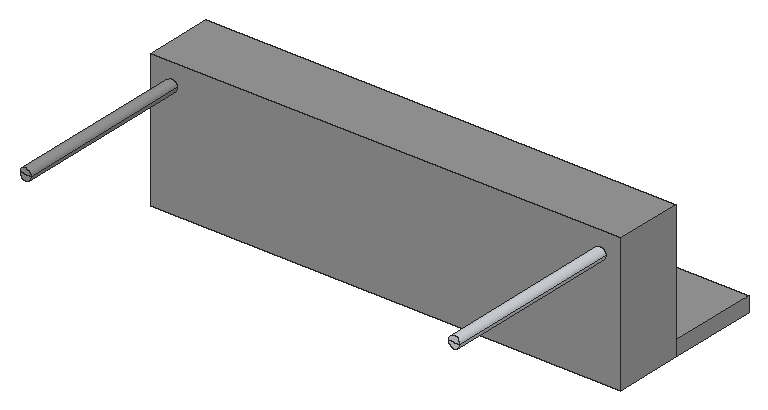
Revit family "Wall_Sink-Willoughby-CWWS-3", category Plumbing Fixtures, Revit 2015
Parameters (values of type "62" x 18"")
  Waste Connection = no
  Vent Connection = no
  URL = "https://www.willoughby-ind.com/wp-content/uploads/2018/01/CWWS.pdf"
  Sink Right = 2' - 7"
  Sink Left = 2' - 7"
  Revision = "A"
  Model = "CWWS-3"
  Manufacturer = "Willoughby Industries"
  HW Connection = no
  Fixture Body = Stainless Steel AISI 304-Willoughby(2)
  Description = "Commercial Wall Sink, 3 Stations, 62\" X 18\""
  Default Elevation = 0' - 0"
  Contact = "800-428-4065"
  CW Connection = no
  80" x 18" = no
  62" x 18" = yes
  48" x 18" = yes
  102" x 18" = yes
Reference planes (in)
  plane 1 "Center (Front/Back)": y = 0
  plane 2: z = 0
  plane 3 "Center (Left/Right)": x = 0
  plane 4 "Bottom Of Sink": y = 24
  plane 5 "Sink HGT": y = 33
  plane 6 "Top Of Unit": y = 45
  plane 7: z = 2
  plane 8: z = 7
  plane 9 "Front line": z = 18
  plane 10: x = 31
  plane 11: x = -31
  plane 12: x = -28.25
  plane 13: x = 28.25
  plane 14: z = 15.25
Forms (in)
  Extrusion 1, solid, material "Stainless Steel AISI 304-Willoughby(2)" <- "Fixture Body"
    sketch origin (0, 33, 0) x (-1, 0, 0) y (0, 0, 1)
      loop
        line (-31, 0) -> (31, 0) -> (31, 18) -> (-31, 18) -> (-31, 0)
    from 0 to -9
  Extrusion 2, solid, material "Stainless Steel AISI 304-Willoughby(2)" <- "Fixture Body"
    sketch origin (0, 0, 0) x (1, 0, 0) y (0, 1, 0)
      loop
        line (-31, 33) -> (31, 33) -> (31, 45) -> (-31, 45) -> (-31, 33)
    from 0 to 2
  Revolve 3, solid, material "Stainless Steel AISI 304-Willoughby(2)" <- "Fixture Body"
    sketch origin (44.70941, 0, 15.25) x (1, 0, 0) y (0, 1, 0)
      loop
        line (-72.95941, 0) -> (-72.20941, 0) -> (-72.20941, 24) -> (-72.95941, 24) -> (-72.95941, 0)
      axis (-72.95941, 24) -> (-72.95941, 0)
    angle from 0 to 360
  Revolve 4, solid
    sketch origin (44.70941, 0, 15.25) x (1, 0, 0) y (0, 1, 0)
      loop
        line (-16.45941, 0) -> (-15.70941, 0) -> (-15.70941, 24) -> (-16.45941, 24) -> (-16.45941, 0)
      axis (-16.45941, 24) -> (-16.45941, 0)
    angle from 0 to 360
  Extrusion 5, void
    sketch origin (0, 33, 0) x (-1, 0, 0) y (0, 0, 1)
      loop
        line (-30, 17) -> (-30, 3) -> (30, 3) -> (30, 17) -> (-30, 17)
    from 0 to -8.83152
Cuts and joins
  Extrusion 5 cuts Extrusion 1
Lines and regions (in)
  symbolic lines, detail levels fine
    curve 1: line (-29, 0, 0) -> (-29, 24, 0)
    curve 2: line (-29, 0, 0) -> (-27.5, 0, 0)
    curve 3: line (-27.5, 0, 0) -> (-27.5, 24, 0)
    curve 7: line (29, 0, 0) -> (27.5, 0, 0)
    curve 8: line (27.5, 0, 0) -> (27.5, 24, 0)
    curve 9: line (29, 0, 0) -> (29, 24, 0)
    curve 18: line (-30, 33, 3) -> (-30, 33, 17)
    curve 19: line (-30, 33, 17) -> (30, 33, 17)
    curve 20: line (30, 33, 17) -> (30, 33, 3)
    curve 21: line (30, 33, 3) -> (-30, 33, 3)
    curve 29: line (0, 0, 14.5) -> (0, 0, 16)
    curve 30: line (0, 0, 16) -> (0, 24, 16)
    curve 31: line (0, 0, 14.5) -> (0, 24, 14.5)
  symbolic lines
    curve 4: line (-31, 24, 0) -> (31, 24, 0)
    curve 5: line (31, 24, 0) -> (31, 33, 0)
    curve 6: line (31, 33, 0) -> (-31, 33, 0)
    curve 13: line (31, 33, 0) -> (31, 33, 18)
    curve 14: line (31, 33, 18) -> (-31, 33, 18)
    curve 15: line (-31, 33, 18) -> (-31, 33, 0)
    curve 16: line (-31, 33, 0) -> (31, 33, 0)
    curve 22: line (0, 24, 0) -> (0, 33, 0)
    curve 23: line (0, 33, 0) -> (0, 33, 18)
    curve 24: line (0, 33, 18) -> (0, 24, 18)
    curve 25: line (0, 24, 18) -> (0, 24, 0)
  symbolic lines, detail levels medium+fine
    curve 10: line (31, 33, 0) -> (31, 45, 0)
    curve 11: line (31, 45, 0) -> (-31, 45, 0)
    curve 12: line (-31, 45, 0) -> (-31, 33, 0)
    curve 17: line (31, 33, 2) -> (-31, 33, 2)
    curve 26: line (0, 33, 0) -> (0, 45, 0)
    curve 27: line (0, 45, 0) -> (0, 45, 2)
    curve 28: line (0, 45, 2) -> (0, 33, 2)
Dimensions and locks (in)
  locked: plane 11 to plane 12 at 2.75
  locked: plane 13 to plane 10 at 2.75
  plane 14 to plane 9 "Front line" = 0' - 2 3/4"
  "Sink Left": plane 11 to plane 3 "Center (Left/Right)"
  "Sink Right": plane 3 "Center (Left/Right)" to plane 10
  aligned and locked: plane 9 "Front line" to Extrusion 1
  aligned and locked: Extrusion 1 to plane 11
  aligned and locked: plane 10 to Extrusion 1
  aligned and locked: Extrusion 1 to level
  aligned and locked: Extrusion 1 to plane 4 "Bottom Of Sink"
  aligned and locked: plane 5 "Sink HGT" to Extrusion 1
  aligned and locked: Extrusion 2 to plane 11
  aligned and locked: plane 6 "Top Of Unit" to Extrusion 2
  aligned and locked: Extrusion 2 to plane 5 "Sink HGT"
  aligned and locked: Extrusion 2 to level
  aligned and locked: plane 7 to Extrusion 2
  aligned and locked: Revolve 3 sketch curve to Revolve 3 sketch curve  (x2)
  aligned and locked: Revolve 4 sketch curve to Revolve 4 sketch curve  (x2)
  aligned and locked: plane 5 "Sink HGT" to Extrusion 5
Automatic sketch dimensions
  Extrusion 1 sketch curve to plane 9 "Front line" = 0' - 0"
  Extrusion 1 sketch curve to plane 10 = 0' - 0"
  Extrusion 1 sketch curve to level = 0' - 0"
  Extrusion 1 sketch curve to plane 11 = 0' - 0"
  Extrusion 2 sketch curve to plane 6 "Top Of Unit" = 0' - 0"
  Extrusion 2 sketch curve to plane 11 = 0' - 0"
  Extrusion 2 sketch curve to plane 5 "Sink HGT" = 0' - 0"
  Extrusion 2 sketch curve to plane 10 = 0' - 0"
  Extrusion 5 sketch curve to plane 10 = 0' - 1"
  plane 11 to Extrusion 5 sketch curve = 0' - 1"
  plane 7 to Extrusion 5 sketch curve = 0' - 1"
  Extrusion 5 sketch curve to plane 9 "Front line" = 0' - 1"
  plane 1 "Center (Front/Back)" to Revolve 4 sketch curve = 0' - 0"  (x2)
  Revolve 4 sketch curve to plane 13 = 0' - 0"
  Revolve 4 sketch curve to plane 4 "Bottom Of Sink" = 0' - 0"
  Revolve 4 sketch curve to plane 13 = 0' - 0 3/4"
  plane 1 "Center (Front/Back)" to Revolve 3 sketch curve = 0' - 0"  (x2)
  Revolve 3 sketch curve to plane 12 = 0' - 0"
  Revolve 3 sketch curve to plane 4 "Bottom Of Sink" = 0' - 0"
  Revolve 3 sketch curve to plane 12 = 0' - 0 3/4"
  curve 4 to plane 4 "Bottom Of Sink" = 0' - 0"
  curve 4 to plane 11 = 0' - 0"
  curve 12 to plane 6 "Top Of Unit" = 0' - 0"
  curve 11 to plane 11 = 0' - 0"
  plane 1 "Center (Front/Back)" to curve 1 = 0' - 0"
  plane 1 "Center (Front/Back)" to curve 8 = 0' - 0"
  curve 10 to plane 10 = 0' - 0"
  curve 12 to plane 5 "Sink HGT" = 0' - 0"
  plane 12 to curve 1 = 0' - 0 3/4"
  curve 2 to plane 12 = 0' - 0 3/4"
  plane 13 to curve 8 = 0' - 0 3/4"
  curve 9 to plane 13 = 0' - 0 3/4"
  curve 13 to level = 0' - 0"
  curve 13 to plane 10 = 0' - 0"
  curve 15 to plane 11 = 0' - 0"
  curve 17 to plane 7 = 0' - 0"
  curve 14 to plane 9 "Front line" = 0' - 0"
  curve 19 to plane 10 = 0' - 1"
  plane 11 to curve 18 = 0' - 1"
  curve 20 to plane 9 "Front line" = 0' - 1"
  plane 7 to curve 21 = 0' - 1"
  curve 29 to plane 1 "Center (Front/Back)" = 0' - 0"
  curve 31 to plane 4 "Bottom Of Sink" = 0' - 0"
  curve 24 to plane 5 "Sink HGT" = 0' - 0"
  curve 27 to plane 6 "Top Of Unit" = 0' - 0"
  curve 22 to level = 0' - 0"
  curve 28 to plane 7 = 0' - 0"
  curve 24 to plane 9 "Front line" = 0' - 0"
  plane 14 to curve 30 = 0' - 0 3/4"
  curve 31 to plane 14 = 0' - 0 3/4"
